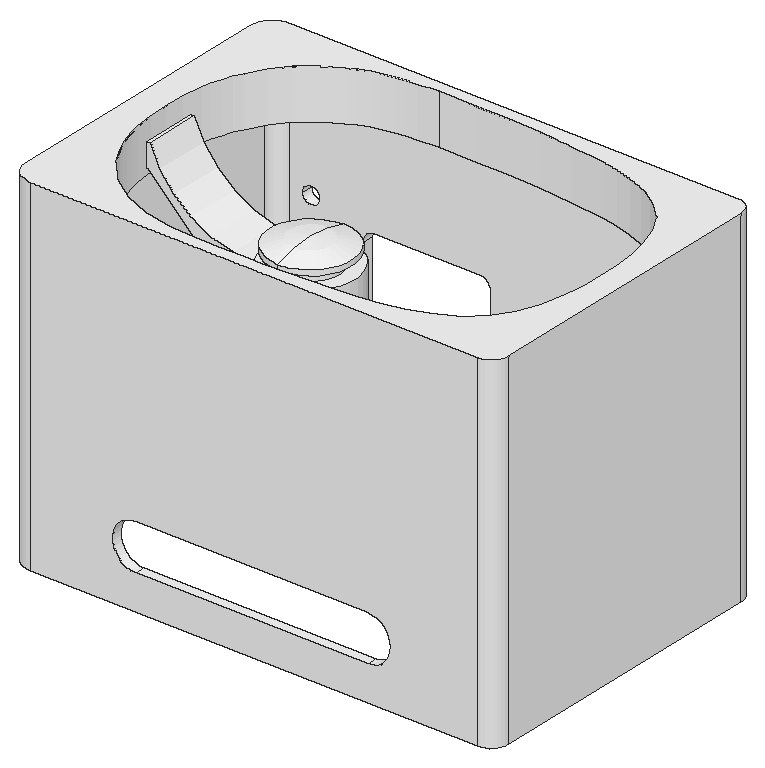
Revit family "Reece_Basin_Kado_Lussi_Wall Basin_420 mm_With Towel Rail", category Plumbing Fixtures, Revit 2018
Family settings
  Round Connector Dimension = Use Diameter
  Part Type = Normal
  Work Plane-Based = Yes
  Always vertical = Yes
  Cut with Voids When Loaded = Yes
  Shared = Yes
  Room Calculation Point = Yes
Parameters (values of type "No Taphole_Left Hand Bowl_Matte White")
  URL = "https://www.reece.com.au/product/-1810643"
  Type Comments = "Basin"
  Reece_Right Hand Bowl_Visibility = no
  Reece_Product_Web Page = "https://www.reece.com.au/product/-1810643"
  Reece_Product_Type = "Basin"  # constant formula
  Reece_Product_Sub Brand = "Lussi"  # constant formula
  Reece_Product_Number = "1810643"
  Reece_Product_Mount = "Wall Mounted"
  Reece_Product_Description = "Kado Lussi 420mm Left Hand Wall Basin with Towel Rail and Overflow No Taphole Matte White Solid Surface"
  Reece_Product_Brand = "Kado\r\n"  # constant formula
  Reece_Overall_Width = 420 mm  # constant formula
  Reece_Overall_Height = 300 mm  # constant formula
  Reece_Overall_Depth = 280 mm  # constant formula
  Reece_Overall_Capacity = 1.20 L  # constant formula
  Reece_Material_Main = Reece_Solid_Surface_Matte_White
  Reece_Left Hand Bowl_Visibility = not(Reece_Right Hand Bowl_Visibility)  # yes
  Reece_Height_From_Level_Range [instance] = if(Reece_Height_From_Level < 850 mm, 850 mm, if(Reece_Height_From_Level > 900 mm, 900 mm, Reece_Height_From_Level))  # 900 mm
  Reece_Height_From_Level [instance] = 900 mm
  Reece_Detail_Installation = "Wall Basin"  # constant formula
  Reece_Detail_Disclaimer = "THIS FILE IS THE PROPERTY OF THE REECE GROUP. IT MAY NOT BE REPRODUCED, REVERSE-ENGINEERED OR MODIFIED. ANY REPUBLICATION, TRANSMISSION OR DISTRIBUTION FOR THE PURPOSE OF COMMERCIALLY EXPLOITING THE FILES IS PROHIBITED."  # constant formula
  Reece_Detail_Connector = "No Taphole"
  Reece_Detail_Bowl Type = "Left Hand Bowl"
  Reece_Detail_Additional = "Overflow, Towel Rail"  # constant formula
  Reece_Basin_Taphole 1_Right = no
  Reece_Basin_Taphole 1_Left = no
  Reece_Basin_Right_Outlet = 0 mm
  Reece_Basin_Left_Outlet = 40 mm
  Model = "Lussi"
  Manufacturer = "Kado\r\n"
  Keynote = "Product #1810643, Reece_Basin_Kado_Lussi_Wall Basin_420 mm_With Towel Rail - No Taphole_Left Hand Bowl_Matte White"
  Disclaimer = "THIS FILE IS THE PROPERTY OF THE REECE GROUP. IT MAY NOT BE REPRODUCED, REVERSE-ENGINEERED OR MODIFIED. ANY REPUBLICATION, TRANSMISSION OR DISTRIBUTION FOR THE PURPOSE OF COMMERCIALLY EXPLOITING THE FILES IS PROHIBITED."  # constant formula
  Description = "Kado Lussi 420mm Left Hand Wall Basin with Towel Rail and Overflow No Taphole Matte White Solid Surface"
  Default Elevation = 0 mm
Types (5, lengths in mm): name | URL | Reece_Right Hand Bowl_Visibility | Reece_Product_Web Page | Reece_Product_Number | Reece_Product_Description | Reece_Left Hand Bowl_Visibility | Reece_Detail_Connector | Reece_Detail_Bowl Type | Reece_Basin_Taphole 1_Right | Reece_Basin_Taphole 1_Left | Reece_Basin_Right_Outlet | Reece_Basin_Left_Outlet | Keynote | Description
  (no name) | "https://www.reece.com.au/product/-1810644" | no | "https://www.reece.com.au/product/-1810644" | "1810644" | "Kado Lussi 420mm Left Hand Wall Basin with Towel Rail and Overflow 1 Taphole Matte White Solid Surface" | yes | "1 Taphole" | "Left Hand Bowl" | no | yes | 0 | 40 | "Product #1810644, Reece_Basin_Kado_Lussi_Wall Basin_420 mm_With Towel Rail -  " | "Kado Lussi 420mm Left Hand Wall Basin with Towel Rail and Overflow 1 Taphole Matte White Solid Surface"
  No Taphole_Left Hand Bowl_Matte White | "https://www.reece.com.au/product/-1810643" | no | "https://www.reece.com.au/product/-1810643" | "1810643" | "Kado Lussi 420mm Left Hand Wall Basin with Towel Rail and Overflow No Taphole Matte White Solid Surface" | yes | "No Taphole" | "Left Hand Bowl" | no | no | 0 | 40 | "Product #1810643, Reece_Basin_Kado_Lussi_Wall Basin_420 mm_With Towel Rail - No Taphole_Left Hand Bowl_Matte White" | "Kado Lussi 420mm Left Hand Wall Basin with Towel Rail and Overflow No Taphole Matte White Solid Surface"
  1 Taphole_Left Hand Bowl_Matte White | "https://www.reece.com.au/product/-1810644" | no | "https://www.reece.com.au/product/-1810644" | "1810644" | "Kado Lussi 420mm Left Hand Wall Basin with Towel Rail and Overflow 1 Taphole Matte White Solid Surface" | yes | "1 Taphole" | "Left Hand Bowl" | no | yes | 0 | 40 | "Product #1810644, Reece_Basin_Kado_Lussi_Wall Basin_420 mm_With Towel Rail - 1 Taphole_Left Hand Bowl_Matte White" | "Kado Lussi 420mm Left Hand Wall Basin with Towel Rail and Overflow 1 Taphole Matte White Solid Surface"
  No Taphole_Right Hand Bowl_Matte White | "https://www.reece.com.au/product/-1810645" | yes | "https://www.reece.com.au/product/-1810645" | "1810645" | "Kado Lussi 420mm Right Hand Wall Basin with Towel Rail and Overflow No Taphole Matte White Solid Surface" | no | "No Taphole" | "Right Hand Bowl" | no | no | 40 | 0 | "Product #1810645, Reece_Basin_Kado_Lussi_Wall Basin_420 mm_With Towel Rail - No Taphole_Right Hand Bowl_Matte White" | "Kado Lussi 420mm Right Hand Wall Basin with Towel Rail and Overflow No Taphole Matte White Solid Surface"
  1 Taphole_Right Hand Bowl_Matte White | "https://www.reece.com.au/product/-1810646" | yes | "https://www.reece.com.au/product/-1810646" | "1810646" | "Kado Lussi 420mm Right Hand Wall Basin with Towel Rail and Overflow 1 Taphole Matte White Solid Surface" | no | "1 Taphole" | "Right Hand Bowl" | yes | no | 40 | 0 | "Product #1810646, Reece_Basin_Kado_Lussi_Wall Basin_420 mm_With Towel Rail - 1 Taphole_Right Hand Bowl_Matte White" | "Kado Lussi 420mm Right Hand Wall Basin with Towel Rail and Overflow 1 Taphole Matte White Solid Surface"
Reference planes
  plane 1 "Center (Front/Back)": y = 0
  plane 2 "Bottom Host Plane": z = -5
  plane 3 "Center (Left/Right)": x = -5
  plane 4 "Height From Floor": z = 900
  plane 5: y = -280
  plane 6: z = 600
  plane 7: z = 896.829
  plane 8: x = -65.146
  plane 9: x = -190.312
  plane 10: x = -214.766
  plane 11: x = 205.234
  plane 12: z = 630
  plane 13: z = 670
  plane 14: x = 184.666
  plane 15: x = 59.747
  plane 16: y = -140.318
  plane 17: y = -10.318
  plane 18: y = -270.132
  plane 19: x = -124.825
  plane 20: z = 790
Forms (mm)
  Extrusion 1, solid, material "Reece_Solid_Surface_Matte_White" <- "Reece_Material_Main", visible <- "Reece_Right Hand Bowl_Visibility"
    sketch origin (-4.754, -219.15, 600) x (-1, 0.000215, 0) y (-0.000215, -1, 0)
      loop
        arc (-194.941, 60.875) -> (-205.548, 56.482) -> (-209.941, 45.875) r 15
        line (-209.941, 45.875) -> (-209.941, -204.125)
        arc (-209.941, -204.125) -> (-205.548, -214.731) -> (-194.941, -219.125) r 15
        line (-194.941, -219.125) -> (190.585, -219.125)
        arc (190.585, -219.125) -> (204.355, -213.421) -> (210.059, -199.651) r 19.474
        line (210.059, -199.651) -> (210.059, 41.402)
        arc (210.059, 41.402) -> (204.355, 55.172) -> (190.585, 60.875) r 19.474
        line (190.585, 60.875) -> (-194.941, 60.875)
      loop
        spline (185.649, -78.793) -> (184.471, -51.801) -> (179.93, -25.196) -> (169.803, -0.233) -> (152.259, 20.137) -> (128.935, 33.628) -> (103.127, 41.538) -> (76.514, 46.072) -> (49.614, 48.64) -> (22.646, 50.056) -> (-4.354, 50.777) -> (-31.375, 51.078) -> (-58.39, 51.157)
        spline (-58.39, 51.157) -> (-93.916, 48.026) -> (-127.629, 37.082) -> (-156.103, 16.667) -> (-175.844, -11.803) -> (-186.325, -44.618) -> (-189.358, -78.871) -> (-186.309, -113.122) -> (-175.812, -145.932) -> (-156.059, -174.393) -> (-127.576, -194.796) -> (-93.859, -205.724) -> (-58.333, -208.845)
        spline (-58.333, -208.845) -> (-31.314, -208.751) -> (-4.296, -208.441) -> (22.712, -207.711) -> (49.69, -206.277) -> (76.588, -203.709) -> (103.208, -199.145) -> (128.989, -191.194) -> (152.301, -177.721) -> (169.819, -157.33) -> (179.969, -132.39) -> (184.51, -105.779) -> (185.649, -78.793)
    from 0 to 300
  Extrusion 2, void
    sketch origin (190.174, -280.068, 600) x (1, -0.000215, 0) y (0, 0, -1)
      loop
        line (-95, -30) -> (-295, -30)
        arc (-295, -30) -> (-315, -50) -> (-295, -70) r 20
        line (-295, -70) -> (-95, -70)
        arc (-95, -70) -> (-75, -50) -> (-95, -30) r 20
    from 28.158 to -5
  Extrusion 3, void
    sketch origin (-4.754, -219.15, 600) x (-0.000215, -1, 0) y (-1, 0.000215, 0)
      loop
        arc (39.441, -195.779) -> (47.899, -192.265) -> (51.414, -183.807) r 12
        line (51.414, -183.807) -> (52.261, 184.431)
        arc (52.261, 184.431) -> (48.756, 192.934) -> (40.261, 196.459) r 12
        line (40.261, 196.459) -> (-197.9, 196.459)
        arc (-197.9, 196.459) -> (-206.385, 192.944) -> (-209.9, 184.459) r 12
        line (-209.9, 184.459) -> (-209.9, -184.327)
        arc (-209.9, -184.327) -> (-206.375, -192.822) -> (-197.872, -196.327) r 12
        line (-197.872, -196.327) -> (39.441, -195.779)
    from -256.735 to 46.139
  Extrusion 4, solid, material "Reece_Solid_Surface_Matte_White" <- "Reece_Material_Main", visible <- "Reece_Left Hand Bowl_Visibility"
    sketch origin (-4.755, -219.15, 600) x (-1, 0.000215, 0) y (-0.000215, -1, 0)
      loop
        arc (-194.941, 60.875) -> (-205.548, 56.482) -> (-209.941, 45.875) r 15
        line (-209.941, 45.875) -> (-209.941, -204.125)
        arc (-209.941, -204.125) -> (-205.548, -214.731) -> (-194.941, -219.125) r 15
        line (-194.941, -219.125) -> (190.585, -219.125)
        arc (190.585, -219.125) -> (204.355, -213.421) -> (210.059, -199.651) r 19.474
        line (210.059, -199.651) -> (210.059, 41.402)
        arc (210.059, 41.402) -> (204.355, 55.172) -> (190.585, 60.875) r 19.474
        line (190.585, 60.875) -> (-194.941, 60.875)
      loop
        spline (54.595, 51.21) -> (27.569, 51.116) -> (0.545, 50.806) -> (-26.47, 50.076) -> (-53.454, 48.642) -> (-80.359, 46.073) -> (-106.985, 41.508) -> (-132.773, 33.555) -> (-156.09, 20.079) -> (-173.612, -0.317) -> (-183.764, -25.263) -> (-188.306, -51.881) -> (-189.446, -78.873)
        spline (-189.446, -78.873) -> (-188.267, -105.871) -> (-183.726, -132.483) -> (-173.596, -157.451) -> (-156.047, -177.827) -> (-132.718, -191.321) -> (-106.904, -199.233) -> (-80.285, -203.768) -> (-53.378, -206.336) -> (-26.404, -207.753) -> (0.603, -208.474) -> (27.63, -208.775) -> (54.652, -208.855)
        spline (54.652, -208.855) -> (90.186, -205.723) -> (123.907, -194.776) -> (152.389, -174.356) -> (172.134, -145.879) -> (182.617, -113.056) -> (185.651, -78.795) -> (182.602, -44.536) -> (172.103, -11.718) -> (152.345, 16.75) -> (123.854, 37.158) -> (90.129, 48.089) -> (54.595, 51.21)
    from 0 to 300
  Extrusion 5, void
    sketch origin (190.174, -280.068, 600) x (1, -0.000215, 0) y (0, 0, -1)
      loop
        line (-95, -30) -> (-295, -30)
        arc (-295, -30) -> (-315, -50) -> (-295, -70) r 20
        line (-295, -70) -> (-95, -70)
        arc (-95, -70) -> (-75, -50) -> (-95, -30) r 20
    from 33.298 to -5
  Extrusion 6, void
    sketch origin (-4.755, -219.15, 600) x (-0.000215, -1, 0) y (-1, 0.000215, 0)
      loop
        arc (-209.9, -184.327) -> (-206.375, -192.822) -> (-197.872, -196.327) r 12
        line (-197.872, -196.327) -> (39.441, -195.779)
        arc (39.441, -195.779) -> (47.899, -192.265) -> (51.414, -183.807) r 12
        line (51.414, -183.807) -> (52.261, 184.431)
        arc (52.261, 184.431) -> (48.756, 192.934) -> (40.261, 196.459) r 12
        line (40.261, 196.459) -> (-197.9, 196.459)
        arc (-197.9, 196.459) -> (-206.385, 192.944) -> (-209.9, 184.459) r 12
        line (-209.9, 184.459) -> (-209.9, -184.327)
    from -256.735 to 78.792
  Extrusion 7, void
    sketch origin (0, 0, 0) x (1, 0, 0) y (0, 0, 1)
      loop
        circle (160.177, 780) r 7.5
      loop
        circle (-169.766, 780) r 7.5
    from -33.017 to 25.733
  Extrusion 8, void
    sketch origin (0, 0, 0) x (1, 0, 0) y (0, 0, 1)
      loop
        line (-124.825, 600) -> (-14.825, 600) -> (-14.825, 760)
        arc (-14.825, 760) -> (-17.754, 767.071) -> (-24.825, 770) r 10
        line (-24.825, 770) -> (-114.825, 770)
        arc (-114.825, 770) -> (-121.896, 767.071) -> (-124.825, 760) r 10
        line (-124.825, 760) -> (-124.825, 600)
    from -17.282 to 39.023
  Extrusion 9, void
    sketch origin (-10, 0, 0) x (-1, 0, 0) y (0, 0, -1)
      loop
        line (-124.825, -600) -> (-124.825, -760)
        arc (-124.825, -760) -> (-121.896, -767.071) -> (-114.825, -770) r 10
        line (-114.825, -770) -> (-24.825, -770)
        arc (-24.825, -770) -> (-17.754, -767.071) -> (-14.825, -760) r 10
        line (-14.825, -760) -> (-14.825, -600) -> (-124.825, -600)
    from -17.282 to 39.023
Cuts and joins
  Extrusion 5, Extrusion 6, Extrusion 7, Extrusion 9 cuts Extrusion 1
  Extrusion 2, Extrusion 3, Extrusion 7, Extrusion 8 cuts Extrusion 4
Lines and regions (mm)
  model lines, style "InvisibleLines"
    curve 1: line (-5, 0, -5) -> (-5, 0, 900)
  model lines, visible <- "Reece_Basin_Taphole 1_Left"
    curve 2: circle (119.736, -140.318, 896.829) r 17.5 normal (0, 0, 1)
  model lines, visible <- "Reece_Basin_Taphole 1_Right"
    curve 3: circle (-129.736, -140.318, 896.829) r 17.5 normal (0, 0, -1)
Text (mm)
  text "Reece ©" at (2750.254, -2396.412, 2870.147), in view "Reece Preview"
  text "Reece Copyright © 2018, Reece Ltd." at (-410.625, -567.968, 0), in view "Ref. Level"
Dimensions and locks
  locked: plane 2 "Bottom Host Plane" to level at 5
  "Reece_Height_From_Level_Range": plane 4 "Height From Floor" to level
  "Reece_Overall_Height": plane 6 to plane 4 "Height From Floor"
  locked: plane 7 to plane 4 "Height From Floor" at 3.171
  plane 12 to plane 6 = 30 mm
  plane 13 to plane 12 = 40 mm
  plane 9 to plane 14 = 374.979 mm
  "Reece_Overall_Width": plane 10 to plane 11
  "Reece_Overall_Depth": plane 5 to plane 1 "Center (Front/Back)"
  plane 17 to plane 18 = 259.815 mm
  plane 10 to plane 19 to plane 11 = 89.941 mm, 330.059 mm
  plane 20 to plane 6 = 190 mm
  aligned and locked: plane 6 to Extrusion 1
  aligned and locked: Extrusion 1 to plane 4 "Height From Floor"
  aligned and locked: plane 2 "Bottom Host Plane" to curve 1
  aligned and locked: plane 4 "Height From Floor" to curve 1
  aligned and locked: cut or joined group of Extrusion 2, Extrusion 3, Extrusion 4, Extrusion 7, Extrusion 8 to plane 4 "Height From Floor"
  aligned and locked: plane 6 to cut or joined group of Extrusion 2, Extrusion 3, Extrusion 4, Extrusion 7, Extrusion 8
Automatic sketch dimensions
  curve 1 to plane 3 "Center (Left/Right)" = 0 mm
  curve 1 to plane 2 "Bottom Host Plane" = 0 mm
  Extrusion 1 sketch curve to plane 16 = 0 mm
  plane 11 to Extrusion 1 sketch curve = 0.004 mm
  Extrusion 1 sketch curve to plane 17 = 4.753 mm
  Extrusion 1 sketch curve to Extrusion 1 sketch curve = 15 mm  (x2)
  Extrusion 1 sketch curve to Extrusion 1 sketch curve = 136.551 mm
  Extrusion 1 sketch curve to Extrusion 1 sketch curve = 136.608 mm
  Extrusion 1 sketch curve to Extrusion 1 sketch curve = 243.982 mm
  Extrusion 1 sketch curve to Extrusion 1 sketch curve = 4.936 mm  (x2)
  Extrusion 1 sketch curve to Extrusion 1 sketch curve = 19.474 mm
  Extrusion 1 sketch curve to Extrusion 1 sketch curve = 4.72 mm
  Extrusion 1 sketch curve to Extrusion 1 sketch curve = 120.194 mm
  Extrusion 1 sketch curve to Extrusion 1 sketch curve = 5.282 mm
  curve 2 to plane 16 = 0 mm
  curve 3 to plane 16 = 0 mm
  curve 2 to plane 15 = 59.989 mm
  curve 3 to plane 19 = 4.911 mm
  Extrusion 2 sketch curve to Extrusion 1 = 30 mm
  Extrusion 1 to Extrusion 2 sketch curve = 90.526 mm
  Extrusion 2 sketch curve to Extrusion 1 = 70 mm
  Extrusion 1 to Extrusion 2 sketch curve = 95 mm
  Extrusion 1 to Extrusion 3 sketch curve = 9.225 mm
  Extrusion 3 sketch curve to Extrusion 3 sketch curve = 12 mm  (x2)
  Extrusion 3 sketch curve to Extrusion 3 sketch curve = 0.028 mm  (x2)
  Extrusion 1 to Extrusion 3 sketch curve = 21.462 mm
  Extrusion 1 to Extrusion 3 sketch curve = 14.162 mm
  Extrusion 1 to Extrusion 3 sketch curve = 20.614 mm
  Extrusion 1 to Extrusion 3 sketch curve = 9.462 mm
  Extrusion 1 to Extrusion 3 sketch curve = 8.614 mm
  Extrusion 1 to Extrusion 3 sketch curve = 25.614 mm
  Extrusion 3 sketch curve to Extrusion 3 sketch curve = 11.972 mm
  Extrusion 1 to Extrusion 3 sketch curve = 25.628 mm
  Extrusion 1 to Extrusion 3 sketch curve = 25.6 mm
  Extrusion 4 sketch curve to plane 16 = 0 mm
  plane 11 to Extrusion 4 sketch curve = 0.004 mm
  Extrusion 4 sketch curve to plane 17 = 4.753 mm
  Extrusion 4 sketch curve to Extrusion 4 sketch curve = 15 mm  (x2)
  Extrusion 4 sketch curve to Extrusion 4 sketch curve = 5.495 mm
  Extrusion 4 sketch curve to Extrusion 4 sketch curve = 249.536 mm
  Extrusion 4 sketch curve to Extrusion 4 sketch curve = 249.594 mm
  Extrusion 4 sketch curve to Extrusion 4 sketch curve = 135.932 mm
  Extrusion 4 sketch curve to Extrusion 4 sketch curve = 135.99 mm
  Extrusion 4 sketch curve to Extrusion 4 sketch curve = 19.474 mm
  Extrusion 4 sketch curve to Extrusion 4 sketch curve = 9.204 mm
  Extrusion 4 sketch curve to Extrusion 4 sketch curve = 241.052 mm
  Extrusion 4 sketch curve to Extrusion 4 sketch curve = 9.665 mm
  Extrusion 5 sketch curve to Extrusion 1 = 30 mm
  Extrusion 1 to Extrusion 5 sketch curve = 90.526 mm
  Extrusion 5 sketch curve to Extrusion 1 = 70 mm
  Extrusion 1 to Extrusion 5 sketch curve = 95 mm
  Extrusion 4 to Extrusion 6 sketch curve = 9.225 mm
  Extrusion 6 sketch curve to Extrusion 6 sketch curve = 12 mm  (x2)
  Extrusion 6 sketch curve to Extrusion 6 sketch curve = 0.028 mm  (x3)
  Extrusion 4 to Extrusion 6 sketch curve = 21.462 mm
  Extrusion 4 to Extrusion 6 sketch curve = 14.162 mm
  Extrusion 4 to Extrusion 6 sketch curve = 20.614 mm
  Extrusion 4 to Extrusion 6 sketch curve = 9.462 mm
  Extrusion 4 to Extrusion 6 sketch curve = 8.614 mm
  Extrusion 4 to Extrusion 6 sketch curve = 25.614 mm
  Extrusion 6 sketch curve to Extrusion 6 sketch curve = 11.972 mm
  Extrusion 4 to Extrusion 6 sketch curve = 25.628 mm
  plane 20 to Extrusion 7 sketch curve = 10 mm  (x2)
  Extrusion 7 sketch curve to plane 9 = 20.547 mm
  plane 14 to Extrusion 7 sketch curve = 24.489 mm
  Extrusion 8 sketch curve to plane 6 = 0 mm
  Extrusion 8 sketch curve to plane 19 = 0 mm
  plane 19 to Extrusion 8 sketch curve = 10 mm
  Extrusion 8 sketch curve to plane 3 "Center (Left/Right)" = 19.825 mm
  Extrusion 8 sketch curve to plane 3 "Center (Left/Right)" = 9.825 mm
  plane 20 to Extrusion 8 sketch curve = 30 mm
  Extrusion 9 sketch curve to plane 6 = 0 mm
  plane 15 to Extrusion 9 sketch curve = 55.078 mm
  Extrusion 9 sketch curve to Extrusion 9 sketch curve = 10 mm
  Extrusion 9 sketch curve to plane 3 "Center (Left/Right)" = 19.825 mm
  Extrusion 9 sketch curve to plane 3 "Center (Left/Right)" = 9.825 mm
  Extrusion 9 sketch curve to plane 20 = 30 mm
  radius of curve 2 = 17.5 mm
  radius of curve 3 = 17.5 mm
  radius of Extrusion 7 sketch curve = 7.5 mm  (x2)
Nested families
  nested 1: "Reece_Basin_Kado_Lussi_Wall Basin_With Towel Rail_Left Hand Bowl_Nested" at (-99.68, -140.318, 900) x (-1, 0, 0) z (0, 0, 1), visible <- "Reece_Left Hand Bowl_Visibility", Reece_Material_Main <- "Reece_Material_Main", type "Reece_Basin_Kado_Lussi_Wall Basin_With Towel Rail_Left Hand Bowl_Nested"
    with Reece_Material_Main Reece_Solid_Surface_Matte_White
  nested 2: "Reece_Basin_Kado_Lussi_Wall Basin_With Towel Rail_Right Hand Bowl_Nested" at (94.06, -140.318, 900), visible <- "Reece_Right Hand Bowl_Visibility", Reece_Material_Main <- "Reece_Material_Main", type "Reece_Basin_Kado_Lussi_Wall Basin_With Towel Rail_Right Hand Bowl_Nested"
    with Reece_Material_Main Reece_Solid_Surface_Matte_White
Connectors
  piping at (-65.266, -140.318, 790), diameter 40, driven by "Reece_Basin_Left_Outlet"
    settings: on nested 1, index 1, connector inside diameter 609.6 mm, connector length 0 mm, flow factor 0, pipe flow 0.0 L/s, pressure drop 0.0 Pa, fitting loss kfactor 0, connector angle 0.00°, fixture units 0, engagement length 0 mm, angle of deflection 0.00°, flow configuration 0, flow direction 2, fitting loss method 0, system type 16, joint type 0, gender type 0, connector reference index -1, connector utility 0, adjustable connector no, is connector primary yes, connector description ""
  piping at (59.646, -140.318, 790), driven by "Reece_Basin_Right_Outlet"
    settings: on nested 2, index 2, connector diameter 0 mm, connector inside diameter 609.6 mm, connector length 0 mm, flow factor 0, pipe flow 0.0 L/s, pressure drop 0.0 Pa, fitting loss kfactor 0, connector angle 0.00°, fixture units 0, engagement length 0 mm, angle of deflection 0.00°, flow configuration 0, flow direction 2, fitting loss method 0, system type 16, joint type 0, gender type 0, connector reference index -1, connector utility 0, adjustable connector no, is connector primary no, connector description ""
Definition of nested family "Reece_Basin_Kado_Lussi_Wall Basin_With Towel Rail_Left Hand Bowl_Nested"
  Parameters (values of type "Reece_Basin_Kado_Lussi_Wall Basin_With Towel Rail_Left Hand Bowl_Nested")
    Waste Connection = no
    WFU = 0
    Vent Connection = no
    URL = ""
    Type Comments = ""
    Reece_Material_Main [instance] = none
    Model = ""
    Manufacturer = ""
    Keynote = ""
    HWFU = 0
    HW Connection = no
    Description = ""
    Default Elevation = 0 mm
    Cost = 0
    CWFU = 0
    CW Connection = no
    Assembly Code = ""
  Reference planes
    plane 1 "Center (Front/Back)": y = 0
    plane 2 "Bottom Host Plane": z = 0
    plane 3 "Center (Left/Right)": x = 0
    plane 4: x = -284.38
    plane 5: x = 90.62
    plane 6: x = -194.668
    plane 7: y = 130
    plane 8: y = -130
    plane 9: x = -34.643
    plane 10: z = 0
    plane 11: z = -110
    plane 12: x = 115.357
    plane 13: x = -304.643
    plane 14: x = -159.38
    plane 15: y = 140
    plane 16: y = -140
  Forms (mm)
    Revolve 1, solid, material <- "Reece_Material_Main"
      sketch origin (-34.474, 79.277, -64.248) x (0, 1, 0) y (0, 0, 1)
        loop
          line (-79.125, -45.752) -> (-79.125, 7.501)
          arc (-79.125, 7.501) -> (-97.109, 5.915) -> (-114.439, 0.855) r 92.22
          line (-114.439, 0.855) -> (-114.439, -3.501) -> (-110.132, -3.501) -> (-110.132, -4.548) -> (-108.927, -5.753) -> (-103.927, -5.753) -> (-103.927, -45.752) -> (-79.125, -45.752)
        axis (-79.125, 7.501) -> (-79.125, -45.752)
      angle from 0 to 360
    Revolve 2, solid, material <- "Reece_Material_Main"
      sketch origin (-34.414, 79.125, -84.248) x (0, 1, 0) y (0, 0, 1)
        loop
          line (-104.668, -25.752) -> (-104.668, 6.746) -> (-117.125, 6.746) -> (-117.125, -25.752) -> (-104.668, -25.752)
        axis (-79.125, 6.746) -> (-79.125, -25.752)
      angle from 0 to 360
    Extrusion 3, solid, material <- "Reece_Material_Main"
      sketch origin (-114.601, 0.663, -84.531) x (-1, 0, 0) y (0, 0, -1)
        loop
          line (-106.797, -6.467) -> (-106.797, 7.903) -> (-134.813, 7.903)
          arc (-134.813, 7.903) -> (-146.293, 5.62) -> (-156.026, -0.883) r 30
          line (-156.026, -0.883) -> (-202.52, -47.378)
          arc (-202.52, -47.378) -> (-202.737, -47.702) -> (-202.813, -48.085) r 1
          line (-202.813, -48.085) -> (-202.813, -67.67) -> (-200.046, -67.67)
          arc (-200.046, -67.67) -> (-163.532, -21.664) -> (-106.797, -6.467) r 93.61
      from -22.746 to 24.073
  Cuts and joins
    joined: Revolve 2, Extrusion 3
  Lines and regions (mm)
    symbolic lines
      curve 1: arc (0, -48.782, -77.427) -> (0, -63.43, -74.378) -> (0, -76.905, -67.876) r 61.386
      curve 2: arc (0, -76.905, -67.876) -> (0, -103.69, -45.373) -> (0, -123.96, -16.86) r 138.086
      curve 3: arc (0, 48.782, -77.427) -> (0, 63.43, -74.378) -> (0, 76.905, -67.876) r 61.386
      curve 4: arc (0, 76.905, -67.876) -> (0, 103.69, -45.373) -> (0, 123.96, -16.86) r 138.086
      curve 5: line (0, -23.782, -77.427) -> (0, -48.782, -77.427)
      curve 6: line (0, 23.782, -77.427) -> (0, 48.782, -77.427)
      curve 7: line (-1.807, 0, -77.427) -> (-91.807, 0, -77.427)
  Text (mm)
    text "Reece ©" at (2750.254, -2396.412, 2870.147), in view "Reece Preview"
    text "Reece Copyright © 2018, Reece Ltd." at (-751.997, -443.435, 0), in view "Ref. Level"
  Dimensions and locks
    plane 2 "Bottom Host Plane" to plane 11 = 110 mm
Definition of nested family "Reece_Basin_Kado_Lussi_Wall Basin_With Towel Rail_Right Hand Bowl_Nested"
  Parameters (values of type "Reece_Basin_Kado_Lussi_Wall Basin_With Towel Rail_Right Hand Bowl_Nested")
    Waste Connection = no
    WFU = 0
    Vent Connection = no
    URL = ""
    Type Comments = ""
    Reece_Material_Main [instance] = none
    Model = ""
    Manufacturer = ""
    Keynote = ""
    HWFU = 0
    HW Connection = no
    Description = ""
    Default Elevation = 0 mm
    Cost = 0
    CWFU = 0
    CW Connection = no
    Assembly Code = ""
  Reference planes
    plane 1 "Center (Front/Back)": y = 0
    plane 2 "Bottom Host Plane": z = 0
    plane 3 "Center (Left/Right)": x = 0
    plane 4: x = -284.38
    plane 5: x = 90.62
    plane 6: x = -194.668
    plane 7: y = 130
    plane 8: y = -130
    plane 9: x = -34.643
    plane 10: z = 0
    plane 11: z = -110
    plane 12: x = 115.357
    plane 13: x = -304.643
    plane 14: x = -159.38
    plane 15: y = 140
    plane 16: y = -140
  Forms (mm)
    Revolve 1, solid, material <- "Reece_Material_Main"
      sketch origin (-34.474, 79.277, -64.248) x (0, 1, 0) y (0, 0, 1)
        loop
          line (-79.125, -45.752) -> (-79.125, 7.501)
          arc (-79.125, 7.501) -> (-97.109, 5.915) -> (-114.439, 0.855) r 92.22
          line (-114.439, 0.855) -> (-114.439, -3.501) -> (-110.132, -3.501) -> (-110.132, -4.548) -> (-108.927, -5.753) -> (-103.927, -5.753) -> (-103.927, -45.752) -> (-79.125, -45.752)
        axis (-79.125, 7.501) -> (-79.125, -45.752)
      angle from 0 to 360
    Revolve 2, solid, material <- "Reece_Material_Main"
      sketch origin (-34.414, 79.125, -84.248) x (0, 1, 0) y (0, 0, 1)
        loop
          line (-104.668, -25.752) -> (-104.668, 6.746) -> (-117.125, 6.746) -> (-117.125, -25.752) -> (-104.668, -25.752)
        axis (-79.125, 6.746) -> (-79.125, -25.752)
      angle from 0 to 360
    Extrusion 3, solid, material <- "Reece_Material_Main"
      sketch origin (-114.601, 0.663, -84.531) x (-1, 0, 0) y (0, 0, -1)
        loop
          line (-106.797, -6.467) -> (-106.797, 7.903) -> (-134.813, 7.903)
          arc (-134.813, 7.903) -> (-146.293, 5.62) -> (-156.026, -0.883) r 30
          line (-156.026, -0.883) -> (-202.52, -47.378)
          arc (-202.52, -47.378) -> (-202.737, -47.702) -> (-202.813, -48.085) r 1
          line (-202.813, -48.085) -> (-202.813, -67.67) -> (-200.046, -67.67)
          arc (-200.046, -67.67) -> (-163.532, -21.664) -> (-106.797, -6.467) r 93.61
      from -22.746 to 24.073
  Cuts and joins
    joined: Revolve 2, Extrusion 3
  Lines and regions (mm)
    symbolic lines
      curve 1: arc (0, -48.782, -77.427) -> (0, -63.43, -74.378) -> (0, -76.905, -67.876) r 61.386
      curve 2: arc (0, -76.905, -67.876) -> (0, -103.69, -45.373) -> (0, -123.96, -16.86) r 138.086
      curve 3: arc (0, 48.782, -77.427) -> (0, 63.43, -74.378) -> (0, 76.905, -67.876) r 61.386
      curve 4: arc (0, 76.905, -67.876) -> (0, 103.69, -45.373) -> (0, 123.96, -16.86) r 138.086
      curve 5: line (0, -23.782, -77.427) -> (0, -48.782, -77.427)
      curve 6: line (0, 23.782, -77.427) -> (0, 48.782, -77.427)
      curve 7: line (-1.807, 0, -77.427) -> (-91.807, 0, -77.427)
  Text (mm)
    text "Reece ©" at (2750.254, -2396.412, 2870.147), in view "Reece Preview"
    text "Reece Copyright © 2018, Reece Ltd." at (-751.997, -443.435, 0), in view "Ref. Level"
